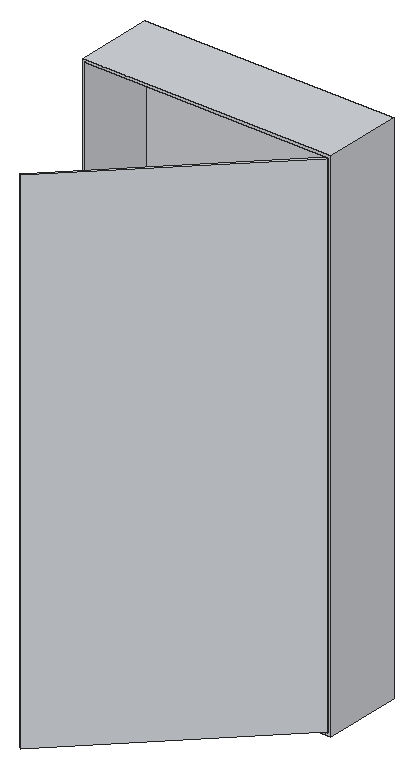
Revit family "Volta-IP30-Surface_mounted-leer-NoHosted-AT-de", category Electrical Equipment, Revit 2020
Family settings
  Panel Configuration = Two Columns, Circuits Across
  Round Connector Dimension = Use Diameter
  Part Type = Panelboard
  Work Plane-Based = Yes
  Always vertical = Yes
  Cut with Voids When Loaded = No
  Shared = No
  Room Calculation Point = No
Parameters (values of type "Aufputz IP30 B305 H640 T96.5 12 Teilungseinheiten - VA48WWH")
  Width Control [instance] = if([HG000006 - Unterputz], if([EF000846 - Einbaubreite] > min_whd, [EF000846 - Einbaubreite], min_whd), if([EF000008 - Breite] > min_whd, ([EF000008 - Breite]), min_whd))  # 305 mm
  Void Depth [instance] = if([EF000218 - Einbautiefe] > 1 mm, [EF000218 - Einbautiefe], 1 mm)  # 1 mm
  Type Comments = [HG000003 - Bereich]  # "Volta"
  System Height [instance] = Height Control - 2 * [HG000005 - Dicke]  # 634 mm
  Panel Name [instance] = ""  # (empty or 0)
  Offset [instance] = 0 mm
  Model = [HG000004 - Herstellerreferenz]  # "VA48WWH"
  Level Offset [instance] = [Flush Mounted - Door Frame Width] + Offset  # 0 mm
  HG000011 - Leere Reihen von unten = no
  HG000010 - Asymmetrische Türen = no
  HG000009 - Doppelflügeligen Tür = no
  HG000008 - Anzahl der leeren Reihen = 0
  HG000007 - Anzahl der leeren Spalten = 0
  HG000006 - Unterputz = no
  HG000005 - Dicke = 3 mm  # constant formula
  HG000004 - Herstellerreferenz = "VA48WWH"
  HG000003 - Bereich = "Volta"
  HG000002 - Mit tür = yes
  HG000001 - Anzahl der Spalten = 0
  EF015941 - Signaldurchlassende Tür = no
  EF015777 - Neutralleiterklemmenblock = no
  EF015776 - Erdungsklemmenblock = no
  EF009212 - Ausführung Deckel = "EV009916 - mit Ausschnitt"
  EF006306 - Mit Schloss = no
  EF006244 - Transparenter Deckel/Tür = no
  EF005474 - Schutzart (IP) = "EV006410 - IP30"
  EF004462 - Art der Schließung = "EV000154 - sonstige"
  EF002950 - Breite in Teilungseinheiten = 12
  EF001596 - Werkstoff des Gehäuses = "EV000154 - sonstige"
  EF001134 - DIN-Schiene = yes
  EF001131 - Innentiefe = 92 mm
  EF001088 - Anbaumöglichkeit = yes
  EF001062 - EMV-Ausführung = no
  EF000846 - Einbaubreite = 0 mm
  EF000339 - Art der Abdeckung = "EV004216 - Tür"
  EF000332 - Einbauhöhe = 0 mm
  EF000266 - Anzahl der Reihen = 0
  EF000218 - Einbautiefe = 0 mm
  EF000118 - Mit Montageplatte = yes
  EF000116 - RAL-Nummer = "9010"
  EF000049 - Tiefe = 96 mm
  EF000040 - Höhe = 640 mm
  EF000008 - Breite = 305 mm
  EF000007 - Farbe = "EV000202 - weiß"
  EF000003 - Montageart = "EV000384 - Aufputz"
  Description = ""
  Default Elevation = 1219.2 mm
  Arrow Offset [instance] = Depth Control / 8  # 12 mm
  Arrow Height [instance] = Depth Control - Arrow Offset  # 84 mm
  Host Offset [instance] = if([HG000006 - Unterputz], 0 mm, [EF000049 - Tiefe])  # 96 mm
  min_whd [instance] = (2 * [HG000005 - Dicke]) + 1 mm  # 7 mm
  Manufacturer = "Hager"  # constant formula
  Height Control [instance] = if([HG000006 - Unterputz], if([EF000332 - Einbauhöhe] > min_whd, [EF000332 - Einbauhöhe], min_whd), if([EF000040 - Höhe] > min_whd, ([EF000040 - Höhe]), min_whd))  # 640 mm
  Flush Mounted - Door Frame Width [instance] = if(([EF000040 - Höhe] - [EF000332 - Einbauhöhe]) > 0 mm, if([HG000006 - Unterputz], [EF000040 - Höhe] - [EF000332 - Einbauhöhe], 0 mm), 0 mm)  # 0 mm
  Tür rechts [instance] = yes
  Tür links [instance] = not(Tür rechts)  # no
  Türschwenkwinkel [instance] = 45.00°
  3D-Türsichtbarkeit [instance] = yes
  Depth Control [instance] = if([HG000006 - Unterputz], if([EF000218 - Einbautiefe] > 0 mm, [EF000218 - Einbautiefe], 1 mm), if([EF000049 - Tiefe] > 0 mm, ([EF000049 - Tiefe]), 1 mm))  # 96 mm
  Sichtbarkeit der Türöffnung [instance] = no
Types (4, lengths in mm): name | System Height | Model | HG000004 - Herstellerreferenz | EF000040 - Höhe | Height Control
  Aufputz IP30 B305 H515 T96.5 12 Teilungseinheiten - VA36NW | 509 | "VA36NW" | "VA36NW" | 515 | 515
  Aufputz IP30 B305 H515 T96.5 12 Teilungseinheiten - VA36WWH | 509 | "VA36WWH" | "VA36WWH" | 515 | 515
  Aufputz IP30 B305 H640 T96.5 12 Teilungseinheiten - VA48NW | 634 | "VA48NW" | "VA48NW" | 640 | 640
  Aufputz IP30 B305 H640 T96.5 12 Teilungseinheiten - VA48WWH | 634 | "VA48WWH" | "VA48WWH" | 640 | 640
Reference planes
  plane 1 "Center (Front/Back)": y = 0
  plane 2: z = 0
  plane 3 "Center (Left/Right)": x = 0
  plane 4: y = 3
  plane 5: y = 0
  plane 6: y = 0
  plane 7: z = 0
  plane 8: x = -152.5
  plane 9: x = 152.5
  plane 10: x = 149.5
  plane 11: x = -149.5
  plane 12: z = 0
  plane 13: z = 3
  plane 14: y = -91
  plane 15: y = -96
  plane 16: y = -3
  plane 17: z = 637
  plane 18: z = 640
  plane 19: z = 320
  plane 20: x = 2000
  plane 21: x = 0
  plane 22: y = -2100
  plane 23: y = -100
Forms (mm)
  Extrusion 1, solid
    sketch origin (-208.679, -4572, 0) x (-1, 0, 0) y (0, -1, 0)
      loop
        line (-56.179, -4476) -> (-361.179, -4476) -> (-361.179, -4572) -> (-56.179, -4572) -> (-56.179, -4476)
    from 0 to 640 <- "Height Control"
  Extrusion 2, void
    sketch origin (-350.771, -96, 1219.2) x (1, 0, 0) y (0, 0, 1)
      loop
        line (201.271, -582.2) -> (201.271, -1216.2) -> (500.271, -1216.2) -> (500.271, -582.2) -> (201.271, -582.2)
    from 0 to -93
  Extrusion 3, solid, detail levels coarse
    sketch origin (-350.771, -96, 1219.2) x (-1, 0, 0) y (0, 0, 1)
      loop
        line (-201.271, -582.2) -> (-500.271, -582.2) -> (-500.271, -1216.2) -> (-201.271, -1216.2) -> (-201.271, -582.2)
    from 0 to 3 <- "HG000005 - Dicke"
Cuts and joins
  Extrusion 2 cuts Extrusion 1
Dimensions and locks
  "Flush Mounted - Door Frame Width": plane 1 "Center (Front/Back)" to plane 6
  "HG000005 - Dicke": plane 4 to plane 6
  "HG000005 - Dicke": plane 8 to plane 11
  "HG000005 - Dicke": plane 9 to plane 10
  equal spacing: plane 8, plane 3 "Center (Left/Right)", plane 9
  "Width Control": plane 8 to plane 9
  locked: plane 14 to plane 15 at 5
  "Host Offset": plane 1 "Center (Front/Back)" to plane 15
  "Depth Control": plane 5 to plane 15
  "HG000005 - Dicke": plane 5 to plane 16
  "HG000005 - Dicke": plane 13 to plane 12
  "Level Offset": plane 12 to level
  "HG000005 - Dicke": plane 18 to plane 17
  "Height Control": plane 18 to plane 12
  "Arrow Offset": plane 5 to nested 4
  equal spacing: plane 18, plane 19, plane 12
  locked: connector elem to plane 19
  locked: connector elem to plane 3 "Center (Left/Right)"
  locked: plane 3 "Center (Left/Right)" to plane 20 at 2000
  locked: plane 21 to plane 20 at 2000
  locked: plane 23 to plane 22 at 2000
  aligned and locked: nested 1 to plane 14
  aligned and locked: plane 3 "Center (Left/Right)" to nested 1
  aligned and locked: plane 3 "Center (Left/Right)" to nested 2
  aligned and locked: nested 2 to plane 15
  aligned and locked: plane 5 to Extrusion 1
  aligned and locked: Extrusion 3 sketch curve to plane 17
  aligned and locked: Extrusion 3 sketch curve to plane 11
  aligned and locked: plane 13 to Extrusion 3 sketch curve
  aligned and locked: Extrusion 3 sketch curve to plane 10
  aligned and locked: plane 13 to Extrusion 2 sketch curve
  aligned and locked: Extrusion 2 sketch curve to plane 10
  aligned and locked: Extrusion 2 sketch curve to plane 17
  aligned and locked: Extrusion 2 sketch curve to plane 11
  aligned and locked: plane 16 to Extrusion 2
  aligned and locked: plane 5 to Extrusion 1 sketch curve
  aligned and locked: plane 9 to Extrusion 1 sketch curve
  aligned and locked: plane 8 to Extrusion 1 sketch curve
  aligned and locked: plane 8 to nested 4
  aligned and locked: plane 8 to nested 3
  aligned and locked: nested 3 to plane 5
  aligned and locked: Extrusion 1 sketch curve to plane 15
  aligned and locked: Extrusion 2 to plane 15
Nested families
  nested 1: "Hager_Enclosure_System" at (0, -91, 3), No_Columns <- "HG000001 - Anzahl der Spalten", Flush_Mounted <- "HG000006 - Unterputz", Width <- "EF000008 - Breite", Height <- "System Height", Width_Control <- "Width Control", Row_Module_Multiplicator <- "EF002950 - Breite in Teilungseinheiten", Empty_Columns <- "HG000007 - Anzahl der leeren Spalten", No_Rows <- "EF000266 - Anzahl der Reihen", Built-in_Width <- "EF000846 - Einbaubreite", Border <- "HG000005 - Dicke", Total_No_Empty_Rows <- "HG000008 - Anzahl der leeren Reihen", Depth <- "HG000005 - Dicke", Empty_Rows_From_Bottom <- "HG000011 - Leere Reihen von unten", type "Hager_Enclosure_System", detail levels medium+fine
    with Width_Control 305 mm, Width 305 mm, Total_No_Rows 0, Total_No_Empty_Rows 0, Total_No_Columns 1, System_Width 299 mm, Rows_Column 0, Row_Module_Multiplicator 12, Panel_4 no, Panel_3 no, Panel_2 no, Panel_1 no, No_Rows 0, No_Panels_Ctrl 1, No_Columns 0, Hide_Columns yes, Height 634 mm, Flush_Mounted no, Empty_Rows_From_Bottom no, Empty_Rows_Column 0, Empty_Columns 0, Depth 3 mm, Column_Width 299 mm, Built-in_Width 0 mm, Border 3 mm
  nested 2: "Hager_Enclosure_Door" at (0, -96, 0), Double <- "HG000009 - Doppelflügeligen Tür", Height_Ctrl <- "Height Control", Transparent <- "EF006244 - Transparenter Deckel/Tür", Depth <- "EF000049 - Tiefe", Height <- "EF000040 - Höhe", Angle <- "Türschwenkwinkel", Door_Right <- "Tür rechts", Assymetrical <- "HG000010 - Asymmetrische Türen", Flush_Mounted <- "HG000006 - Unterputz", BuiltIn_Depth <- "EF000218 - Einbautiefe", BuiltIn_Width <- "EF000846 - Einbaubreite", Door <- "HG000002 - Mit tür", Width_Ctrl <- "Width Control", 3d_Door <- "3D-Türsichtbarkeit", Width <- "EF000008 - Breite", Border <- "HG000005 - Dicke", BuiltIn_Height <- "EF000332 - Einbauhöhe", Clearance <- "Sichtbarkeit der Türöffnung", Door_Left <- "Tür links", type "Hager_Enclosure_Door", detail levels medium+fine
    with min_wh 7 mm, Width_Ctrl 305 mm, Width 305 mm, Transparent no, Leaf_Width 296 mm, Leaf_Tolerance 1.5 mm, Leaf_Height 631 mm, Leaf_2_Width 296 mm, Leaf_2_Offset 148 mm, Leaf_1_Width 296 mm, Leaf_1_Offset 148 mm, Height_Ctrl 640 mm, Height 640 mm, Frame_Width_Ctrl 305 mm, Frame_Width 305 mm, Frame_Internal_Offset 0 mm, Frame_Height_Ctrl 640 mm, Frame_Height 640 mm, Frame_Depth_Ctrl 1 mm, Frame_Depth 0 mm, Flush_Mounted no, Double_Clearance_Ctrl no, Double no, Door_Right_Ctrl yes, Door_Right yes, Door_Left_Ctrl no, Door_Left no, Door yes, Depth 96 mm, Clearance_Depth 296 mm, Clearance_Ctrl no, Clearance no, BuiltIn_Width 0 mm, BuiltIn_Height 0 mm, BuiltIn_Depth 0 mm, Border 3 mm, Assymetrical no, Angle 45.00°, 3d_Door yes
  nested 3: "Hager_Enclosure_Symbol_Triangle" at (-152.5, 0, 0), Depth <- "Depth Control", Width <- "Width Control", type "Hager_Enclosure_Symbol_Triangle"
    with Width_Ctrl 305 mm, Width 305 mm, Depth_Ctrl 96 mm, Depth 96 mm
  nested 4: "Hager_Enclosure_Symbol_Arrow" at (-152.5, -12, 0), Height <- "Arrow Height", type "Hager_Enclosure_Symbol_Arrow"
    with Width_Inside 6.3 mm, Width 75.6 mm, Height_Ctrl 84 mm, Height 84 mm
Connectors
  electrical at (0, 0, 320)
    settings: on plane 5, index 1, voltage 0 V, apparent load 0 VA, apparent load phase1 0 VA, apparent load phase2 0 VA, apparent load phase3 0 VA, power factor 1, load classification "Other", number of poles 1, system type 30, power factor state 1, is connector primary yes, connector utility no, sub classification motor no, connector description ""
Definition of nested family "Hager_Enclosure_Door"
  Parameters (values of type "Hager_Enclosure_Door")
    min_wh [instance] = (2 * Border) + 1 mm  # 11 mm
    Width_Ctrl [instance] = 400 mm
    Width [instance] = 500 mm
    Transparent [instance] = yes
    Leaf_Width [instance] = if((Width_Ctrl - 2 * Border - 2 * Leaf_Tolerance) > 0 mm, (Width_Ctrl - 2 * Border - 2 * Leaf_Tolerance), min_wh)  # 387 mm
    Leaf_Tolerance [instance] = 1.5 mm  # constant formula
    Leaf_Height [instance] = if((Height_Ctrl - 2 * Border - 2 * Leaf_Tolerance) > 0 mm, (Height_Ctrl - 2 * Border - 2 * Leaf_Tolerance), min_wh)  # 387 mm
    Leaf_2_Width [instance] = if(and(and(Double, Assymetrical), Door_Left), (Leaf_Width / 3) - (Leaf_Tolerance / 2), if(and(and(Double, Assymetrical), Door_Right), (Leaf_Width / 3) * 2 - (Leaf_Tolerance / 2), if(and(Double, not(Assymetrical)), (Leaf_Width / 2) - Leaf_Tolerance, Leaf_Width)))  # 192 mm
    Leaf_2_Offset [instance] = if(and(Double, Assymetrical), Leaf_2_Width / 2, if(and(Double, not(Assymetrical)), Leaf_Width / 4, Leaf_Width / 2))  # 96.75 mm
    Leaf_1_Width [instance] = if(and(and(Double, Assymetrical), Door_Right), (Leaf_Width / 3) - (Leaf_Tolerance / 2), if(and(and(Double, Assymetrical), Door_Left), (Width / 3) * 2 - (Leaf_Tolerance / 2), if(and(Double, not(Assymetrical)), (Leaf_Width / 2) - Leaf_Tolerance, Leaf_Width)))  # 192 mm
    Leaf_1_Offset [instance] = if(and(Double, Assymetrical), Leaf_1_Width / 2, if(and(Double, not(Assymetrical)), Leaf_Width / 4, Leaf_Width / 2))  # 96.75 mm
    Height_Ctrl [instance] = 400 mm
    Height [instance] = 500 mm
    Frame_Width_Ctrl [instance] = if(Frame_Width > 0 mm, Frame_Width, 1 mm)  # 1 mm
    Frame_Width [instance] = Width - BuiltIn_Width  # 0 mm
    Frame_Internal_Offset [instance] = if(Flush_Mounted, Border, 0 mm)  # 0 mm
    Frame_Height_Ctrl [instance] = if(Frame_Height > 0 mm, Frame_Height, 1 mm)  # 1 mm
    Frame_Height [instance] = Height - BuiltIn_Height  # 0 mm
    Frame_Depth_Ctrl [instance] = if(Frame_Depth > 0 mm, Frame_Depth, 1 mm)  # 1 mm
    Frame_Depth [instance] = if(Depth - BuiltIn_Depth > 0 mm, if(Flush_Mounted, Depth - BuiltIn_Depth, 0 mm), 0 mm)  # 0 mm
    Flush_Mounted [instance] = no
    Double_Clearance_Ctrl [instance] = and(Double, Clearance)  # yes
    Double [instance] = yes
    Door_Right_Ctrl [instance] = and(or(Door_Right, Double), Door)  # yes
    Door_Right [instance] = yes
    Door_Left_Ctrl [instance] = and(or(Door_Left, Double), Door)  # yes
    Door_Left [instance] = no
    Door [instance] = yes
    Depth [instance] = 500 mm
    Default Elevation = 1219.2 mm
    Clearance_Material = none
    Clearance_Depth [instance] = if(Leaf_1_Width > Leaf_2_Width, Leaf_1_Width, Leaf_2_Width)  # 192 mm
    Clearance_Ctrl [instance] = and(not(Double), Clearance)  # no
    Clearance [instance] = yes
    BuiltIn_Width [instance] = 500 mm
    BuiltIn_Height [instance] = 500 mm
    BuiltIn_Depth [instance] = 500 mm
    Border [instance] = 5 mm
    Assymetrical [instance] = no
    Angle [instance] = 65.00°
    3d_Door [instance] = yes
  Reference planes
    plane 1 "Center (Front/Back)": y = 0
    plane 2 "Bottom": z = 0
    plane 3 "Center (Left/Right)": x = 0
    plane 4: z = 400
    plane 5: x = -200
    plane 6: x = 200
    plane 7: z = 395
    plane 8: x = -195
    plane 9: z = 5
    plane 10: x = 195
    plane 11: y = 0
    plane 12: z = 6.5
    plane 13: x = -387
    plane 14: y = -192
    plane 15: x = 387
    plane 16: x = -96.75
    plane 17: x = 96.75
    plane 18: x = -193.5
    plane 19: x = 193.5
    plane 20: z = 393.5
  Forms (mm)
    Extrusion 1, solid, visible <- "Flush_Mounted"
      sketch origin (0, 0, 0) x (1, 0, 0) y (0, 0, 1)
        loop
          line (200, 0) -> (200, 400) -> (-200, 400) -> (-200, 0) -> (200, 0)
        loop
          line (-201, 401) -> (-201, -1) -> (201, -1) -> (201, 401) -> (-201, 401)
      from 0 to 1 <- "Frame_Depth_Ctrl"
    Extrusion 2, solid, material <- "Clearance_Material", visible <- "Double_Clearance_Ctrl"
      sketch origin (1200, 0, 0) x (1, 0, 0) y (0, 0, -1)
        loop
          line (-1587, -393.5) -> (-813, -393.5) -> (-813, 0) -> (-1587, 0) -> (-1587, -393.5)
      from 0 to -192
  Dimensions and locks
    equal spacing: plane 5, plane 3 "Center (Left/Right)", plane 6
    "Width_Ctrl": plane 5 to plane 6
    "Border": plane 5 to plane 8
    "Border": plane 6 to plane 10
    "Border": plane 9 to level
    "Border": plane 4 to plane 7
    "Height_Ctrl": plane 4 to level
    "Leaf_Tolerance": plane 12 to plane 9
    "Frame_Depth": plane 11 to plane 1 "Center (Front/Back)"
    "Frame_Width_Ctrl": plane 5 to Extrusion 1 sketch curve
    "Frame_Width_Ctrl": plane 6 to Extrusion 1 sketch curve
    "Frame_Width_Ctrl": Extrusion 1 sketch curve to plane 4
    "Frame_Width_Ctrl": plane 2 "Bottom" to Extrusion 1 sketch curve
    "Leaf_1_Offset": plane 18 to plane 16
    "Leaf_2_Offset": plane 17 to plane 19
    "Leaf_1_Width": plane 13 to plane 8
    "Leaf_2_Width": plane 10 to plane 15
    "Clearance_Depth": plane 14 to plane 1 "Center (Front/Back)"
    "Leaf_Tolerance": plane 8 to plane 18
    "Leaf_Tolerance": plane 19 to plane 10
    "Leaf_Tolerance": plane 7 to plane 20
    "Frame_Internal_Offset": plane 5 to Extrusion 1 sketch curve
    "Frame_Internal_Offset": Extrusion 1 sketch curve to plane 2 "Bottom"
    "Frame_Internal_Offset": plane 6 to Extrusion 1 sketch curve
    "Frame_Internal_Offset": plane 4 to Extrusion 1 sketch curve
    aligned and locked: level to plane 2 "Bottom"
    aligned and locked: nested 1 to plane 16
    aligned and locked: nested 2 to plane 17
    aligned and locked: Extrusion 2 to plane 13
    aligned and locked: plane 15 to Extrusion 2
    aligned and locked: Extrusion 2 to plane 14
    aligned and locked: plane 12 to nested 1
    aligned and locked: nested 2 to plane 12
    aligned and locked: Extrusion 2 to plane 11
    aligned and locked: plane 20 to Extrusion 2
    aligned and locked: nested 2 to plane 11
    aligned and locked: nested 1 to plane 11
  Automatic sketch dimensions
    Extrusion 2 sketch curve to level = 0 mm
    plane 5 to Extrusion 2 sketch curve = 187 mm
    plane 6 to Extrusion 2 sketch curve = 187 mm
    Extrusion 2 sketch curve to plane 4 = 6.5 mm
  Nested families
    nested 1: "Hager_Enclosure_Door_Leaf" at (-96.75, 0, 6.5), Width <- "Leaf_1_Width", visible <- "Door_Left_Ctrl", Leaf_Height <- "Leaf_Height", Angle <- "Angle", Depth <- "Border", 3d_Door <- "3d_Door", Transparent <- "Transparent", Clearance Material <- "Clearance_Material", Clearance <- "Clearance_Ctrl", type "Hager_Enclosure_Door_Leaf"
      with Width 192 mm, Transparent_Door_Border 25 mm, Transparent_Ctrl yes, Transparent yes, Standard no, Leaf_Height 387 mm, Glass_Offset 1 mm, Depth 5 mm, Clearance Material none, Clearance no, Angle_Ctrl 65.00°, Angle 65.00°, 3d_Door yes
    nested 2: "Hager_Enclosure_Door_Leaf" at (96.75, 0, 6.5) x (-1, 0, 0) z (0, 0, 1), Width <- "Leaf_2_Width", visible <- "Door_Right_Ctrl", Leaf_Height <- "Leaf_Height", Angle <- "Angle", Depth <- "Border", 3d_Door <- "3d_Door", Transparent <- "Transparent", Clearance Material <- "Clearance_Material", Clearance <- "Clearance_Ctrl", type "Hager_Enclosure_Door_Leaf"
      with Width 192 mm, Transparent_Door_Border 25 mm, Transparent_Ctrl yes, Transparent yes, Standard no, Leaf_Height 387 mm, Glass_Offset 1 mm, Depth 5 mm, Clearance Material none, Clearance no, Angle_Ctrl 65.00°, Angle 65.00°, 3d_Door yes
  Definition of nested family "Hager_Enclosure_Door_Leaf"
    Parameters (values of type "Hager_Enclosure_Door_Leaf")
      Width [instance] = 200 mm
      Transparent_Door_Border [instance] = 25 mm  # constant formula
      Transparent_Ctrl [instance] = and(Transparent, [3d_Door])  # yes
      Transparent [instance] = yes
      Standard [instance] = and(not(Transparent), [3d_Door])  # no
      Leaf_Height [instance] = 500 mm
      Glass_Offset [instance] = if((Depth - 10 mm) / 2 > 0 mm, (Depth - 10 mm) / 2, 1 mm)  # 1 mm
      Glass_Material = none
      Depth [instance] = 3 mm
      Default Elevation = 0 mm
      Clearance Material [instance] = none
      Clearance [instance] = no
      Angle_Ctrl [instance] = if(Angle > 170.00°, 170.00°, Angle)  # 163.00°
      Angle [instance] = 163.00°
      3d_Door [instance] = yes
    Reference planes
      plane 1 "Center (Front/Back)": y = 0
      plane 2: z = 0
      plane 3 "Center (Left/Right)": x = 0
      plane 4: y = 200
      plane 5: x = -100
      plane 6: x = 100
      plane 7: x = -300
      plane 8: z = 500
      plane 9: z = 25
      plane 10: z = 475
      plane 11: x = 75
      plane 12: x = -75
    Forms (mm)
      Extrusion 1, solid, material <- "Clearance Material", visible <- "Clearance"
        sketch origin (0, 0, 0) x (1, 0, 0) y (0, 0, 1)
          loop
            line (-300, 500) -> (-300, 0) -> (100, 0) -> (100, 500) -> (-300, 500)
        from 0 to -200
      Extrusion 2, solid, visible <- "Standard", detail levels fine
        sketch origin (-100, 0, 0) x (-0.956305, 0.292372, 0) y (-0.292372, -0.956305, 0)
          loop
            line (0, -3) -> (200, -3) -> (200, 0) -> (0, 0) -> (0, -3)
        from 0 to 500 <- "Leaf_Height"
      Extrusion 3, solid, visible <- "Transparent_Ctrl", detail levels fine
        sketch origin (-100, 0, 0) x (-0.956305, 0.292372, 0) y (-0.292372, -0.956305, 0)
          loop
            line (0, -3) -> (200, -3) -> (200, 0) -> (0, 0) -> (0, -3)
        from 0 to 500 <- "Leaf_Height"
      Extrusion 4, void, detail levels fine
        sketch origin (-100, 0, 0) x (-0.292372, -0.956305, 0) y (-0.956305, 0.292372, 0)
          loop
            line (0, 25) -> (0, 175) -> (-3, 175) -> (-3, 25) -> (0, 25)
        from -475 to -25
      Extrusion 5, solid, material <- "Glass_Material", visible <- "Transparent_Ctrl", detail levels fine
        sketch origin (-100, 0, 0) x (-0.956305, 0.292372, 0) y (-0.292372, -0.956305, 0)
          loop
            line (25, -1) -> (25, -2) -> (175, -2) -> (175, -1) -> (25, -1)
        from 25 to 475
    Cuts and joins
      Extrusion 4 cuts Extrusion 3
    Lines and regions (mm)
      symbolic lines
        curve 1: line (100, 0, 0) -> (-300, 0, 0)
        curve 2: arc (100, 0, 0) -> (-100, 200, 0) -> (-300, 0, 0) r 200
        curve 4: line (-100, 0, 0) -> (-291.261, 58.474, 0)
      reference lines
        curve 3: line (-100, 0, 0) -> (-291.261, 58.474, 0)
      symbolic lines, detail levels medium+fine
        curve 5: line (-291.261, 58.474, 0) -> (-290.384, 61.343, 0)
        curve 6: line (-290.384, 61.343, 0) -> (-99.123, 2.869, 0)
        curve 7: line (-99.123, 2.869, 0) -> (-100, 0, 0)
      symbolic lines, detail levels fine
        curve 8: line (-100, 0, 500) -> (100, 0, 500)
        curve 9: line (-100, 0, 0) -> (-100, 0, 500)
        curve 10: line (100, 0, 0) -> (-100, 0, 0)
        curve 11: line (100, 0, 500) -> (100, 0, 0)
      symbolic lines, visible <- "Transparent_Ctrl", detail levels fine
        curve 12: line (-75, 0, 475) -> (75, 0, 475)
        curve 13: line (-75, 0, 25) -> (-75, 0, 475)
        curve 14: line (75, 0, 25) -> (-75, 0, 25)
        curve 15: line (75, 0, 475) -> (75, 0, 25)
    Dimensions and locks
      "Width": plane 1 "Center (Front/Back)" to plane 4
      equal spacing: plane 5, plane 3 "Center (Left/Right)", plane 6
      "Width": plane 5 to plane 6
      "Width": plane 7 to plane 5
      "Leaf_Height": plane 8 to level
      "Depth": curve 6 to curve 3
      "Width": curve 5 to curve 3
      "Width": curve 3 to curve 3
      "Transparent_Door_Border": Extrusion 4 sketch curve to curve 7
      "Transparent_Door_Border": Extrusion 4 sketch curve to curve 5
      "Transparent_Door_Border": plane 8 to plane 10
      "Transparent_Door_Border": plane 9 to level
      "Glass_Offset": Extrusion 5 sketch curve to curve 4
      "Glass_Offset": Extrusion 5 sketch curve to curve 6
      "Transparent_Door_Border": Extrusion 5 sketch curve to curve 5
      "Transparent_Door_Border": Extrusion 5 sketch curve to curve 7
      "Transparent_Door_Border": plane 12 to plane 5
      "Transparent_Door_Border": plane 6 to plane 11
      "Angle_Ctrl": angle plane 1 "Center (Front/Back)" to curve 3
      aligned and locked: level to plane 2
      aligned and locked: Extrusion 1 to curve 1
      aligned and locked: plane 6 to Extrusion 1
      aligned and locked: plane 1 "Center (Front/Back)" to Extrusion 1
      aligned and locked: plane 4 to Extrusion 1
      aligned and locked: plane 8 to Extrusion 1
      aligned and locked: curve 4 to curve 3
      aligned and locked: Extrusion 2 sketch curve to curve 7
      aligned and locked: Extrusion 2 sketch curve to curve 6
      aligned and locked: Extrusion 2 sketch curve to curve 5
      aligned and locked: Extrusion 2 sketch curve to curve 3
      aligned and locked: curve 7 to Extrusion 3 sketch curve
      aligned and locked: Extrusion 3 sketch curve to curve 4
      aligned and locked: Extrusion 3 sketch curve to curve 6
      aligned and locked: Extrusion 3 sketch curve to curve 5
      aligned and locked: curve 4 to Extrusion 4 sketch curve
      aligned and locked: curve 6 to Extrusion 4 sketch curve
      aligned and locked: Extrusion 4 to plane 9
      aligned and locked: Extrusion 4 to plane 10
      aligned and locked: Extrusion 5 to plane 9
      aligned and locked: Extrusion 5 to plane 10
      aligned and locked: curve 8 to plane 8
      aligned and locked: plane 5 to curve 9
      aligned and locked: plane 2 to curve 10
      aligned and locked: curve 11 to plane 6
      aligned and locked: plane 10 to curve 12
      aligned and locked: plane 12 to curve 13
      aligned and locked: plane 9 to curve 14
      aligned and locked: plane 11 to curve 15
    Automatic sketch dimensions
      plane 1 "Center (Front/Back)" to curve 2 = 0 mm
      curve 2 to plane 5 = 0 mm
      Extrusion 1 sketch curve to level = 0 mm
      Extrusion 1 sketch curve to plane 7 = 0 mm
      Extrusion 1 sketch curve to plane 6 = 0 mm
      Extrusion 1 sketch curve to plane 8 = 0 mm
      plane 1 "Center (Front/Back)" to curve 3 = 0 mm
      curve 3 to plane 5 = 0 mm
      curve 7 to curve 3 = 0 mm
Definition of nested family "Hager_Enclosure_Symbol_Triangle"
  Parameters (values of type "Hager_Enclosure_Symbol_Triangle")
    Width_Ctrl [instance] = if(Width > 1 mm, Width, 1 mm)  # 498 mm
    Width [instance] = 498 mm
    Depth_Ctrl [instance] = if(Depth > 1 mm, Depth, 1 mm)  # 72 mm
    Depth [instance] = 72 mm
  Reference planes
    plane 1 "Centre (avant/arrière)": y = 0
    plane 2: z = 0
    plane 3 "Centre (gauche/droite)": x = 0
  Lines and regions (mm)
    Filled region 1, type "Solid_Black", in view "Niveau de réf."
      outline origin (0, 0, 0) x (1, 0, 0) y (0, 1, 0)
        loop
          line (0, 0) -> (498, 0) -> (498, 72) -> (0, 0)
    reference lines, in view "Niveau de réf."
      curve 1: line (-206.153, 72, 0) -> (1083.258, 72, 0)
      curve 2: line (498, 405.456, 0) -> (498, -517.619, 0)
  Dimensions and locks
    "Depth_Ctrl": plane 1 "Centre (avant/arrière)" to curve 1
    "Width_Ctrl": plane 3 "Centre (gauche/droite)" to curve 2
    aligned and locked: curve 1 to Filled region 1 sketch curve
    aligned and locked: Filled region 1 sketch curve to plane 1 "Centre (avant/arrière)"
    aligned and locked: curve 2 to Filled region 1 sketch curve
    aligned and locked: plane 3 "Centre (gauche/droite)" to Filled region 1 sketch curve
    aligned and locked: plane 1 "Centre (avant/arrière)" to Filled region 1 sketch curve
  Automatic sketch dimensions
    curve 1 to plane 3 "Centre (gauche/droite)" = 206.153 mm
    curve 2 to curve 1 = 585.258 mm
    plane 1 "Centre (avant/arrière)" to curve 2 = 517.619 mm
    curve 2 to plane 1 "Centre (avant/arrière)" = 405.456 mm
Definition of nested family "Hager_Enclosure_Symbol_Arrow"
  Parameters (values of type "Hager_Enclosure_Symbol_Arrow")
    Width_Inside [instance] = if(Width / 12 > 2 mm, Width / 12, 2 mm)  # 4.987 mm
    Width [instance] = if(Height_Ctrl * 0.9 > 2 mm, Height_Ctrl * 0.9, 2 mm)  # 59.85 mm
    Height_Ctrl [instance] = if(Height > 2 mm, Height, 2 mm)  # 66.5 mm
    Height [instance] = 66.5 mm
  Reference planes
    plane 1 "Centre (avant/arrière)": y = 0
    plane 2: z = 0
    plane 3 "Centre (gauche/droite)": x = 0
    plane 4: x = 59.85
    plane 5: y = 28.263
    plane 6: y = 38.238
    plane 7: y = 66.5
    plane 8: x = 29.925
    plane 9: y = 33.25
  Lines and regions (mm)
    Filled region 1, type "Solid_Black", in view "Niveau de réf."
      outline origin (0, 0, 0) x (1, 0, 0) y (0, 1, 0)
        loop
          line (59.85, 66.5) -> (37.929, 52.827) -> (51.846, 41.935) -> (59.85, 66.5)
    detail lines, in view "Niveau de réf."
      curve 1: line (0, 0, 0) -> (29.925, 38.238, 0)
      curve 2: line (29.925, 38.238, 0) -> (29.925, 28.263, 0)
      curve 3: line (29.925, 28.263, 0) -> (59.85, 66.5, 0)
  Dimensions and locks
    "Width": plane 3 "Centre (gauche/droite)" to plane 4
    "Height_Ctrl": plane 7 to plane 1 "Centre (avant/arrière)"
    equal spacing: plane 3 "Centre (gauche/droite)", plane 8, plane 4
    equal spacing: plane 7, plane 9, plane 1 "Centre (avant/arrière)"
    equal spacing: plane 6, plane 9, plane 5
    "Width_Inside": plane 6 to plane 9
    equal spacing: curve 3, Filled region 1 sketch curve, Filled region 1 sketch curve
    angle Filled region 1 sketch curve to curve 3 = 20.00°
    angle curve 3 to Filled region 1 sketch curve = 20.00°
    locked: curve 3 to Filled region 1 sketch curve (angle 90.00°)
  Automatic sketch dimensions
    plane 1 "Centre (avant/arrière)" to curve 1 = 0 mm
    curve 1 to plane 3 "Centre (gauche/droite)" = 0 mm
    curve 2 to plane 6 = 0 mm
    curve 3 to plane 8 = 0 mm
    curve 3 to plane 4 = 0 mm
    curve 2 to plane 5 = 0 mm
    curve 3 to plane 7 = 0 mm
    Filled region 1 sketch curve to plane 4 = 0 mm
    Filled region 1 sketch curve to plane 7 = 0 mm
